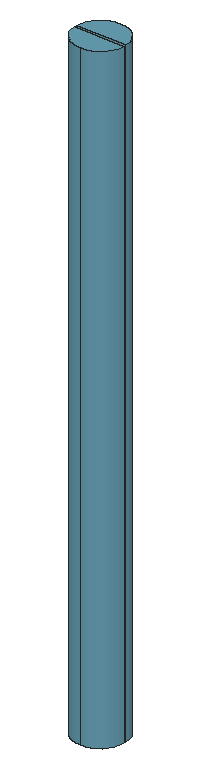
Revit family "CT_Pilar_Con_Pilotis_Junta", category Structural Columns, Revit 2025
Family settings
  Display in Hidden Views = Edges Hidden by Other Members
  Section Shape = Not Defined
  Material for Model Behavior = Concrete
  Always export as geometry = No
  Beam cutback in plan = From geometry
  OmniClass Number = 23.25.30.11.14.11
  OmniClass Title = Columns
  Cut with Voids When Loaded = No
  Symbolic Representation = From Family
  Shared = No
  Show family pre-cut in plan views = Yes
Parameters (values of type "PIL_040_BLC_CON_CIR_JDI")
  Structural Material [instance] = CT_Concreto_Pilotis
  Raio_Coluna = 200 mm
  Deslocamento_Eixo_Vertical [instance] = 0 mm
  Deslocamento_Eixo_Horiz [instance] = 0 mm
  Concreto_Capitel = none
Types (2, lengths in mm): name | Structural Material
  PIL_040_BLC_CON_CIR_JDI | CT_Concreto_Pilotis
  PIL_075_BLC_CON_CIR_JDI | none
Reference planes
  plane 1 "Center (Front/Back)": y = 0
  plane 2: z = 0
  plane 3 "Center (Left/Right)": x = 0
  plane 4: y = 0
  plane 5: x = 0
  plane 6: y = 10
  plane 7: y = -10
Forms (mm)
  Extrusion 1, solid, material "CT_Concreto_Pilotis" <- "Structural Material"
    sketch origin (0, 0, 0) x (1, 0, 0) y (0, 1, 0)
      loop
        arc (0, 200) -> (-137.84, 144.914) -> (-199.75, 10) r 200
        line (-199.75, 10) -> (199.75, 10)
        arc (199.75, 10) -> (137.84, 144.914) -> (0, 200) r 200
      loop
        arc (-199.75, -10) -> (-137.84, -144.914) -> (0, -200) r 200
        arc (0, -200) -> (137.84, -144.914) -> (199.75, -10) r 200
        line (199.75, -10) -> (-199.75, -10)
    from 0 to 5000
Dimensions and locks
  "Deslocamento_Eixo_Horiz": plane 1 "Center (Front/Back)" to plane 4
  "Deslocamento_Eixo_Vertical": plane 3 "Center (Left/Right)" to plane 5
  equal spacing: plane 6, plane 1 "Center (Front/Back)", plane 7
  "Raio_Coluna": radius of Extrusion 1 sketch curve  (x2)
  aligned and locked: level to plane 2
  aligned and locked: Extrusion 1 to plane 2
  aligned and locked: plane 5 to Extrusion 1 sketch curve  (x2)
  aligned and locked: level to Extrusion 1
  aligned and locked: Extrusion 1 to level
  aligned and locked: plane 7 to Extrusion 1 sketch curve  (x2)
  aligned and locked: plane 6 to Extrusion 1 sketch curve  (x2)
Automatic sketch dimensions
  Extrusion 1 sketch curve to Extrusion 1 sketch curve = 0 mm  (x3)
  plane 1 "Center (Front/Back)" to Extrusion 1 sketch curve = 0 mm
